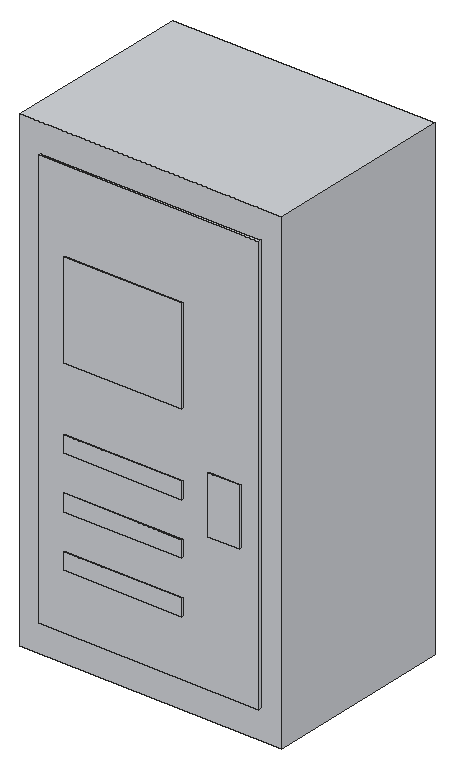
Revit family "GIS_UPS_Cabinet", category Equipamento elétrico, Revit 2027
Family settings
  Configuração do painel = Duas colunas, circuitos transversais
  Cota do conector redondo = Utilizar diâmetro
  Tipo de parte = Painel de controle
  Com base no plano de trabalho = Não
  Sempre na vertical = Sim
  Corte com vazios quando carregada = Não
  Manter orientação da anotação = Não
  Compartilhado = Não
  Ponto de cálculo do ambiente = Não
Parameters (values of type "UPS_STUDY")
  Default Elevation = 0 mm
  built-in parameter 1140142 [instance] = (empty or 0)
  built-in parameter 1140140 [instance] = 1 (stored number, unit not read)
  BIM_TensaoSecundaria_kV = 0.125
  BIM_TensaoNominal_kV = 0.38
  BIM_TensaoClasse_kV = 0.38
  BIM_TensaoClasseSecundaria_kV = 0
  BIM_Sistema_Elemento [instance] = ""
  BIM_ReferenciaCatalogo = "Portfolio study assumptions: 380 V AC input and 125 V DC output; mission and vendor data pending"
  BIM_Profundidade = 800 mm
  BIM_Potencia_MVA = 0
  BIM_Localizacao [instance] = ""
  BIM_Largura = 1100 mm
  BIM_Impedancia_pu = 0
  BIM_FonteGeometria = "Portfolio study assumptions: 380 V AC input and 125 V DC output; mission and vendor data pending"
  BIM_Fabricante = "NAO SELECIONADO"
  BIM_EstadoGeometria = "ESTIMATED"
  BIM_EstadoEspecificacao = "PREMISSA / NAO SELECIONADO"
  BIM_DescricaoEstudo = "UPS conceitual; 380 Vca de entrada e 125 Vcc de saida sao premissas, potencia e autonomia pendentes."
  BIM_CorrenteReferenciaSecundaria_A = 0
  BIM_CorrenteNominal_A = 0
  BIM_Bay [instance] = ""
  BIM_AlturaCorpoPrincipal = 2000 mm
  BIM_Altura = 2000 mm
  built-in parameter 1155100 [instance] = (empty or 0)
Reference planes
  plane 1 "Centro (Frente/Trás)": y = 0
  plane 2: z = 0
  plane 3 "Centro (Esquerda/Direita)": x = 0
  plane 4 "BIM Left": x = -550
  plane 5 "BIM Right": x = 550
  plane 6 "BIM Front": y = -400
  plane 7 "BIM Back": y = 400
Forms (mm)
  Extrusion 1, solid
    sketch origin (0, 0, 0) x (1, 0, 0) y (0, 1, 0)
      loop
        line (-550, -400) -> (550, -400) -> (550, 400) -> (-550, 400) -> (-550, -400)
    from 0 to 2000 <- "BIM_AlturaCorpoPrincipal"
  Extrusion 2, solid
    sketch origin (0, 0, 120) x (1, 0, 0) y (0, 1, 0)
      loop
        line (-462, -412.192) -> (462, -412.192) -> (462, -400) -> (-462, -400) -> (-462, -412.192)
    from 0 to 1760
  Extrusion 3, solid
    sketch origin (0, 0, 1140) x (1, 0, 0) y (0, 1, 0)
      loop
        line (-352, -418.288) -> (143, -418.288) -> (143, -400) -> (-352, -400) -> (-352, -418.288)
    from 0 to 400
  Extrusion 4, solid
    sketch origin (0, 0, 360) x (1, 0, 0) y (0, 1, 0)
      loop
        line (-352, -416.764) -> (143, -416.764) -> (143, -400) -> (-352, -400) -> (-352, -416.764)
    from 0 to 70
  Extrusion 5, solid
    sketch origin (0, 0, 580) x (1, 0, 0) y (0, 1, 0)
      loop
        line (-352, -416.764) -> (143, -416.764) -> (143, -400) -> (-352, -400) -> (-352, -416.764)
    from 0 to 70
  Extrusion 6, solid
    sketch origin (0, 0, 800) x (1, 0, 0) y (0, 1, 0)
      loop
        line (-352, -416.764) -> (143, -416.764) -> (143, -400) -> (-352, -400) -> (-352, -416.764)
    from 0 to 70
  Extrusion 7, solid
    sketch origin (0, 0, 700) x (1, 0, 0) y (0, 1, 0)
      loop
        line (253, -416.764) -> (385, -416.764) -> (385, -400) -> (253, -400) -> (253, -416.764)
    from 0 to 240
Dimensions and locks
  "BIM_Largura": plane 4 "BIM Left" to plane 5 "BIM Right"
  "BIM_Profundidade": plane 6 "BIM Front" to plane 7 "BIM Back"
  aligned and locked: level to plane 2
  aligned and locked: plane 4 "BIM Left" to Extrusion 1
  aligned and locked: Extrusion 1 to plane 5 "BIM Right"
  aligned and locked: Extrusion 1 to plane 6 "BIM Front"
  aligned and locked: plane 7 "BIM Back" to Extrusion 1
Automatic sketch dimensions
  Extrusion 1 sketch curve to plane 4 "BIM Left" = 0 mm
  Extrusion 1 sketch curve to plane 5 "BIM Right" = 0 mm
  Extrusion 1 sketch curve to plane 6 "BIM Front" = 0 mm
  Extrusion 1 sketch curve to plane 7 "BIM Back" = 0 mm
  Extrusion 2 sketch curve to plane 6 "BIM Front" = 0 mm
  Extrusion 2 sketch curve to plane 6 "BIM Front" = 12.192 mm
  Extrusion 2 sketch curve to plane 4 "BIM Left" = 88 mm
  plane 5 "BIM Right" to Extrusion 2 sketch curve = 88 mm
  Extrusion 3 sketch curve to plane 6 "BIM Front" = 0 mm
  Extrusion 3 sketch curve to plane 6 "BIM Front" = 18.288 mm
  Extrusion 3 sketch curve to plane 4 "BIM Left" = 198 mm
  plane 3 "Centro (Esquerda/Direita)" to Extrusion 3 sketch curve = 143 mm
  Extrusion 4 sketch curve to plane 6 "BIM Front" = 0 mm
  Extrusion 4 sketch curve to plane 6 "BIM Front" = 16.764 mm
  Extrusion 4 sketch curve to plane 4 "BIM Left" = 198 mm
  plane 3 "Centro (Esquerda/Direita)" to Extrusion 4 sketch curve = 143 mm
  Extrusion 5 sketch curve to plane 6 "BIM Front" = 0 mm
  Extrusion 5 sketch curve to plane 6 "BIM Front" = 16.764 mm
  Extrusion 5 sketch curve to plane 4 "BIM Left" = 198 mm
  plane 3 "Centro (Esquerda/Direita)" to Extrusion 5 sketch curve = 143 mm
  Extrusion 6 sketch curve to plane 6 "BIM Front" = 0 mm
  Extrusion 6 sketch curve to plane 6 "BIM Front" = 16.764 mm
  Extrusion 6 sketch curve to plane 4 "BIM Left" = 198 mm
  plane 3 "Centro (Esquerda/Direita)" to Extrusion 6 sketch curve = 143 mm
  Extrusion 7 sketch curve to plane 6 "BIM Front" = 0 mm
  Extrusion 7 sketch curve to plane 6 "BIM Front" = 16.764 mm
  plane 3 "Centro (Esquerda/Direita)" to Extrusion 7 sketch curve = 253 mm
  Extrusion 7 sketch curve to Extrusion 7 sketch curve = 132 mm
Connectors
  electrical at (-550, 0, 1000)
    settings: on Extrusion 1, index 1, voltage 380 V, apparent load 0 VA, apparent load phase1 0 VA, apparent load phase2 0 VA, apparent load phase3 0 VA, power factor 1, load classification "Outro", number of poles 3, system type 6, power factor state 1, is connector primary yes, connector utility no, sub classification motor no, connector description "Interface A; study port; circuit assignment is project-specific."
  electrical at (550, 0, 1000)
    settings: on Extrusion 1, index 2, voltage 125 V, apparent load 0 VA, apparent load phase1 0 VA, apparent load phase2 0 VA, apparent load phase3 0 VA, power factor 1, load classification "Outro", number of poles 2, system type 6, power factor state 1, is connector primary no, connector utility no, sub classification motor no, connector description "Interface B; study port; circuit assignment is project-specific."
